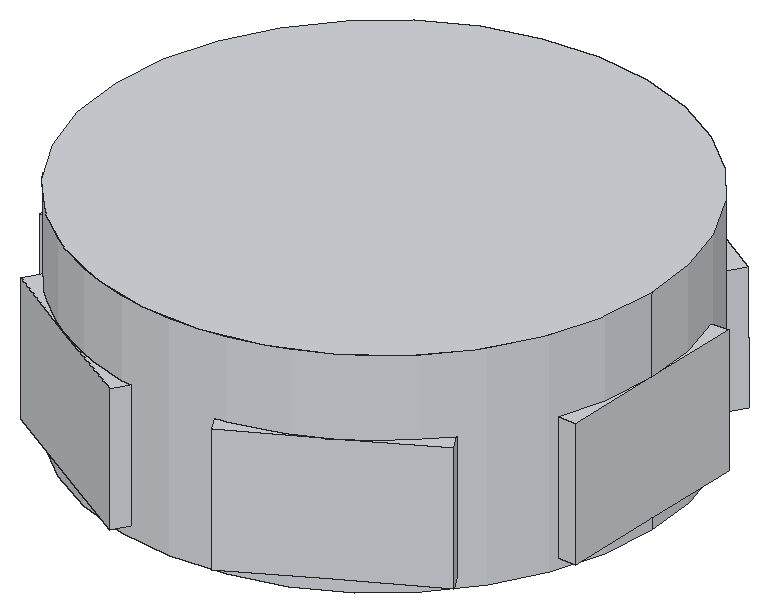
Revit family "M_Caixa redonda - Sete saídas - Alumínio", category Conexões do conduite, Revit 2019
Family settings
  Cota do conector redondo = Usar raio
  Tipo de parte = Múltiplas portas
  Número OmniClass = 23.80.30.17.11
  Título OmniClass = Conduits
  ID de item do Seek = Round Box - Seven Outlets - Aluminum-0000-CAN-ENU
  Com base no plano de trabalho = Não
  Sempre na vertical = Sim
  Corte com vazios quando carregada = Não
  Compartilhado = Não
Parameters (values of type "Padrão")
  Largura 1 [instance] = Espessura da caixa * 0.45  # 18.585 mm
  Raio nominal 7 [instance] = 8 mm
  Raio nominal 6 [instance] = 8 mm
  Raio nominal 5 [instance] = 8 mm
  Raio nominal 4 [instance] = 8 mm
  Raio nominal 3 [instance] = 8 mm
  Raio nominal 2 [instance] = 8 mm
  Diâmetro nominal 7 [instance] = Raio nominal 7 * 2  # 16 mm
  Diâmetro nominal 6 [instance] = Raio nominal 6 * 2  # 16 mm
  Diâmetro nominal 5 [instance] = Raio nominal 5 * 2  # 16 mm
  Diâmetro nominal 4 [instance] = Raio nominal 4 * 2  # 16 mm
  Diâmetro nominal 3 [instance] = Raio nominal 3 * 2  # 16 mm
  Diâmetro nominal 2 [instance] = Raio nominal 2 * 2  # 16 mm
  Diâmetro nominal máximo 56 [instance] = if(Diâmetro nominal 5 > Diâmetro nominal 6, Diâmetro nominal 5, Diâmetro nominal 6)  # 16 mm
  Diâmetro nominal máximo 34 [instance] = if(Diâmetro nominal 3 > Diâmetro nominal 4, Diâmetro nominal 3, Diâmetro nominal 4)  # 16 mm
  Diâmetro nominal máximo 1234567 [instance] = if(Diâmetro nominal máximo 123456 > Diâmetro nominal 7, Diâmetro nominal máximo 123456, Diâmetro nominal 7)  # 16 mm
  Diâmetro nominal máximo 123456 [instance] = if(Diâmetro nominal máximo 1234 > Diâmetro nominal máximo 56, Diâmetro nominal máximo 1234, Diâmetro nominal máximo 56)  # 16 mm
  Diâmetro nominal máximo 1234 [instance] = if(Diâmetro nominal máximo 12 > Diâmetro nominal máximo 34, Diâmetro nominal máximo 12, Diâmetro nominal máximo 34)  # 16 mm
  Diâmetro nominal máximo 12 [instance] = if(Diâmetro nominal 1 > Diâmetro nominal 2, Diâmetro nominal 1, Diâmetro nominal 2)  # 16 mm
  Espessura da caixa [instance] = if(not(Diâmetro nominal máximo 1234567 > 27 mm), 41.3 mm, if(Diâmetro nominal máximo 1234567 < 155 mm, 155 mm, Diâmetro nominal máximo 1234567 * 1.2))  # 41.3 mm
  Raio da caixa [instance] = if(not(Diâmetro nominal máximo 1234567 > 27 mm), 52 mm, 3 * Diâmetro nominal máximo 1234567)  # 52 mm
  Raio nominal 1 [instance] = 8 mm
  Diâmetro nominal 1 [instance] = Raio nominal 1 * 2  # 16 mm
Reference planes
  plane 1 "Centro (Frente/Trás)": y = 0
  plane 2: z = 0
  plane 3 "Centro (Esquerda/Direita)": x = 0
  plane 4: z = -20.65
  plane 5: z = 20.65
  plane 6: x = -52
  plane 7: x = 52
Forms (mm)
  Extrusion 1, solid
    sketch origin (0, 0, 0) x (1, 0, 0) y (0, 1, 0)
      loop
        circle (0, 0) r 52
    from -20.65 to 20.65
  Sweep 2, solid
    path in 3D
      loop
        line (-52, 0, 0) -> (52, 0, 0)
    profile "M_Conduíte - Retangular : Conduíte - Retangular" origin (0, 0, 0) x (0, 1, 0) y (0, 0, 1)
      loop
        line (-18.585, 5.935) -> (-18.585, -18.585) -> (18.585, -18.585) -> (18.585, 5.935) -> (-18.585, 5.935)
  Sweep 3, solid
    path in 3D
      loop
        line (26, -45.033, 0) -> (0, 0, 0) -> (-26, 45.033, 0)
    profile "M_Conduíte - Retangular : Conduíte - Retangular" origin (-13, 22.517, 0) x (-0.866025, -0.5, 0) y (0, 0, 1)
      loop
        line (-18.585, 5.935) -> (-18.585, -18.585) -> (18.585, -18.585) -> (18.585, 5.935) -> (-18.585, 5.935)
  Sweep 4, solid
    path in 3D
      loop
        line (-26, -45.033, 0) -> (0, 0, 0) -> (26, 45.033, 0)
    profile "M_Conduíte - Retangular : Conduíte - Retangular" origin (13, 22.517, 0) x (-0.866025, 0.5, 0) y (0, 0, 1)
      loop
        line (-18.585, 5.935) -> (-18.585, -18.585) -> (18.585, -18.585) -> (18.585, 5.935) -> (-18.585, 5.935)
Cuts and joins
  joined: Extrusion 1, Sweep 2, Sweep 3, Sweep 4
Lines and regions (mm)
  reference lines
    curve 1: line (0, 0, 0) -> (-26, 45.033, 0)
    curve 2: line (0, 0, 0) -> (26, 45.033, 0)
    curve 3: line (0, 0, 0) -> (26, -45.033, 0)
    curve 4: line (0, 0, 0) -> (-26, -45.033, 0)
    curve 5: line (-52, 0, 0) -> (52, 0, 0)
  sketch lines
    curve 6: line (-52, 0, 0) -> (52, 0, 0)
    curve 7: line (0, 0, 0) -> (-26, 45.033, 0)
    curve 8: line (0, 0, 0) -> (26, -45.033, 0)
    curve 9: line (0, 0, 0) -> (26, 45.033, 0)
    curve 10: line (0, 0, 0) -> (-26, -45.033, 0)
Dimensions and locks
  equal spacing: plane 5, plane 2, plane 4
  locked: level to plane 2
  "Espessura da caixa": plane 5 to plane 4
  "Raio da caixa": plane 6 to plane 3 "Centro (Esquerda/Direita)"
  "Raio da caixa": plane 3 "Centro (Esquerda/Direita)" to plane 7
  "Raio da caixa": curve 1 to curve 1
  "Raio da caixa": curve 2 to curve 2
  "Raio da caixa": curve 3 to curve 3
  "Raio da caixa": curve 4 to curve 4
  "Raio da caixa": radius of Extrusion 1 sketch curve
  locked: curve 1 to plane 1 "Centro (Frente/Trás)" (angle 60.00°)
  locked: plane 1 "Centro (Frente/Trás)" to curve 2 (angle 60.00°)
  locked: curve 3 to plane 1 "Centro (Frente/Trás)" (angle 60.00°)
  locked: plane 1 "Centro (Frente/Trás)" to curve 4 (angle 60.00°)
  aligned and locked: plane 1 "Centro (Frente/Trás)" to Extrusion 1 sketch curve
  aligned and locked: plane 3 "Centro (Esquerda/Direita)" to Extrusion 1 sketch curve
  aligned and locked: Extrusion 1 to plane 4
  aligned and locked: plane 5 to Extrusion 1
  aligned and locked: plane 1 "Centro (Frente/Trás)" to curve 2
  aligned and locked: plane 3 "Centro (Esquerda/Direita)" to curve 2
  aligned and locked: plane 6 to curve 5
  aligned and locked: plane 7 to curve 5
  aligned and locked: plane 1 "Centro (Frente/Trás)" to curve 5
Connectors
  cabletrayconduit at (-52, 0, -6.325), diameter 16, driven by "Raio nominal 1"
    settings: on cut or joined group of Extrusion 1, Sweep 2, Sweep 3, Sweep 4, index 1, connector width 304.8 mm, connector height 304.8 mm, connector angle 0.00°, system type 32, placement type 0, profile type 0, connector reference index 4, is primary connector yes, connector utility param no, connector description ""
  cabletrayconduit at (-26, 45.033, -6.325), diameter 16, driven by "Raio nominal 2"
    settings: on cut or joined group of Extrusion 1, Sweep 2, Sweep 3, Sweep 4, index 2, connector width 304.8 mm, connector height 304.8 mm, connector angle 0.00°, system type 32, placement type 0, profile type 0, connector reference index 6, is primary connector no, connector utility param no, connector description ""
  cabletrayconduit at (-26, -45.033, -6.325), diameter 16, driven by "Raio nominal 3"
    settings: on cut or joined group of Extrusion 1, Sweep 2, Sweep 3, Sweep 4, index 3, connector width 304.8 mm, connector height 304.8 mm, connector angle 0.00°, system type 32, placement type 0, profile type 0, connector reference index 5, is primary connector no, connector utility param no, connector description ""
  cabletrayconduit at (52, 0, -6.325), diameter 16, driven by "Raio nominal 4"
    settings: on cut or joined group of Extrusion 1, Sweep 2, Sweep 3, Sweep 4, index 4, connector width 304.8 mm, connector height 304.8 mm, connector angle 0.00°, system type 32, placement type 0, profile type 0, connector reference index 1, is primary connector no, connector utility param no, connector description ""
  cabletrayconduit at (26, 45.033, -6.325), diameter 16, driven by "Raio nominal 5"
    settings: on cut or joined group of Extrusion 1, Sweep 2, Sweep 3, Sweep 4, index 5, connector width 304.8 mm, connector height 304.8 mm, connector angle 0.00°, system type 32, placement type 0, profile type 0, connector reference index 3, is primary connector no, connector utility param no, connector description ""
  cabletrayconduit at (26, -45.033, -6.325), diameter 16, driven by "Raio nominal 6"
    settings: on cut or joined group of Extrusion 1, Sweep 2, Sweep 3, Sweep 4, index 6, connector width 304.8 mm, connector height 304.8 mm, connector angle 0.00°, system type 32, placement type 0, profile type 0, connector reference index 2, is primary connector no, connector utility param no, connector description ""
  cabletrayconduit at (0, 0, -20.65), diameter 16, driven by "Raio nominal 7"
    settings: on cut or joined group of Extrusion 1, Sweep 2, Sweep 3, Sweep 4, index 7, connector width 304.8 mm, connector height 304.8 mm, connector angle 0.00°, system type 32, placement type 0, profile type 0, connector reference index -1, is primary connector no, connector utility param no, connector description ""
